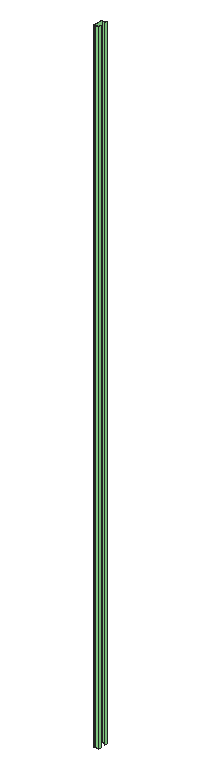
Revit family "GW_ガリッドスタッド t=2.3", category 一般モデル, Revit 2021
Family settings
  鉄筋をホスト可能 = いいえ
  丸型コネクタ寸法 = 直径を使用
  パーツ タイプ = 標準
  作業面ベース = いいえ
  常に垂直 = はい
  ロード時にボイドで切り取り = いいえ
  共有 = いいえ
  部屋計算ポイント = いいえ
Parameters
  長さ [instance] = 7000.0 mm
  製造元 = "双日建材株式会社"
  既定の高さ = 0.0 mm
  マテリアル = ガリッドスタッドt=2.3
  t = 2.3 mm
  H = 100.0 mm
  C = 20.0 mm
  A = 50.0 mm
Reference planes
  plane 1 "中心(正面/背面)": y = 0
  plane 2: z = 0
  plane 3 "中心(左/右)": x = 0
  plane 4: y = 30
  plane 5: y = 50
  plane 6: y = -30
  plane 7: y = -50
  plane 8: y = -47.7
  plane 9: y = 47.7
  plane 10: z = 7000
  plane 11: x = 50
  plane 12: x = 47.7
  plane 13: x = 2.3
Forms (mm)
  Extrusion 1, solid, material "ガリッドスタッドt=2.3" <- "マテリアル"
    sketch origin (0, 0, 0) x (-1, 0, 0) y (0, -1, 0)
      loop
        line (-47.7, 30) -> (-47.7, 47.7) -> (-2.3, 47.7) -> (-2.3, -47.7) -> (-47.7, -47.7) -> (-47.7, -30) -> (-50, -30) -> (-50, -50) -> (0, -50) -> (0, 50) -> (-50, 50) -> (-50, 30) -> (-47.7, 30)
    from 0 to 7000
Dimensions and locks
  "H": plane 7 to plane 5
  "C": plane 4 to plane 5
  "C": plane 7 to plane 6
  equal spacing: plane 7, plane 1 "中心(正面/背面)", plane 5
  "t": plane 7 to plane 8
  "t": plane 9 to plane 5
  "長さ": plane 10 to level
  "A": plane 3 "中心(左/右)" to plane 11
  "t": plane 12 to plane 11
  "t": plane 3 "中心(左/右)" to plane 13
  aligned and locked: level to plane 2
  aligned and locked: Extrusion 1 sketch curve to plane 11  (x2)
  aligned and locked: Extrusion 1 to plane 6
  aligned and locked: plane 12 to Extrusion 1 sketch curve
  aligned and locked: Extrusion 1 sketch curve to plane 4
  aligned and locked: Extrusion 1 sketch curve to plane 12
  aligned and locked: plane 6 to Extrusion 1 sketch curve
  aligned and locked: plane 8 to Extrusion 1 sketch curve
  aligned and locked: Extrusion 1 sketch curve to plane 7
  aligned and locked: Extrusion 1 sketch curve to plane 13
  aligned and locked: plane 3 "中心(左/右)" to Extrusion 1 sketch curve
  aligned and locked: plane 5 to Extrusion 1 sketch curve
  aligned and locked: Extrusion 1 sketch curve to plane 9
  aligned and locked: plane 10 to Extrusion 1
